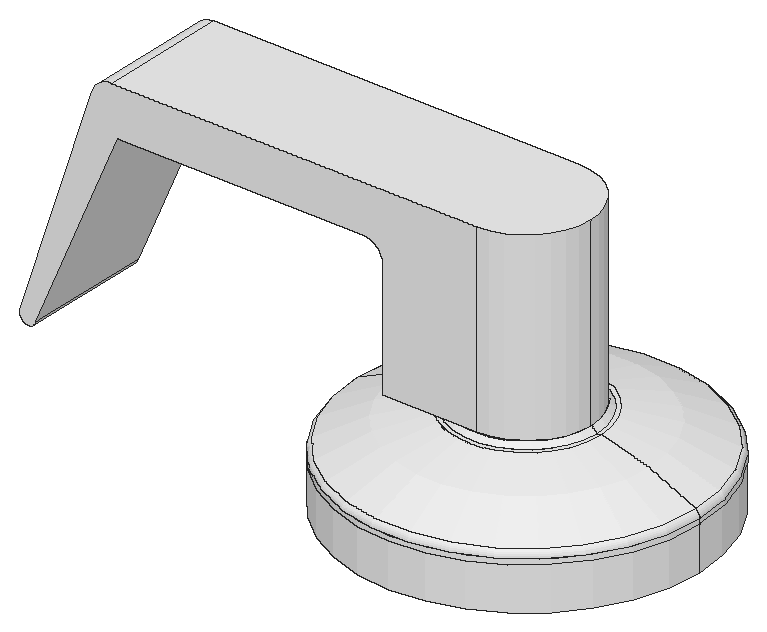
Revit family "Door-Hardware_Lock_Hager_3500", category Specialty Equipment, Revit 2026
Family settings
  Round Connector Dimension = Use Diameter
  Part Type = Normal
  Classification Number = 23.30.40.31
  Work Plane-Based = Yes
  Enable Cutting in Views = No
  Always vertical = No
  Cut with Voids When Loaded = No
  Maintain Annotation Orientation = No
  Shared = Yes
  Room Calculation Point = No
Parameters
  Warranty Duration (Years) = 0
  URL = "http://www.hagerco.com/"
  Strike Plate Type [instance] = ""
  Standards Conformance = "as Specified"
  Specification = "http://www.arcat.com/sdspecs/htm04/08_71_00hco.htm"
  SpecWizard = ""
  Send Message = ""
  Sales Information = "http://www.hagerco.com/contact-us.aspx"
  Revision = "R1_2015-10"
  Pushbutton = no
  Product Properties = ""
  Product Data = "http://www.arcat.com/arcatcos/cos32/arc32922.html"
  Operating Temperature Range = "Interior - Exterior"
  Model = "As Specified"
  Manufacturer Website = "http://www.hagerco.com/"
  Manufacturer Phone - Toll Free = "800-325-9995"
  Manufacturer Phone = "314-772-4400"
  Manufacturer Fax = "800-782-0149"
  Manufacturer Address = "139 Victor St.  St. Louis, MO 63104"
  Manufacturer = "Hager Companies"
  Maintenance Schedule (Months) = 0
  Lever Type [instance] = Lever Option : Withnell Lever
  Lever Rotation [instance] = if(or(Handing_RH, Handing_RHR), 180.00°, 0.00°)  # 0.00°
  Latchbolt Type [instance] = ""
  Keynote = "087100"
  Keying Type [instance] = ""
  Keying Function = ""
  Keyed = yes
  Installation-Fabrication = ""
  Installation Phase = ""
  Handing_LHR [instance] = no
  Handing_RHR [instance] = no
  Handing_RH [instance] = no
  Handing_LH [instance] = yes
  Green Building-LEED = ""
  Function Type = ""
  Function Description = ""
  Fixture Finish [instance] = Metal - Standard US Finish as Specified
  Expected Lifespan (Years) = 0
  Drawn By = "Sumex Design, Inc. / Robert S. Weygant, CSI, CDT, SCIP"
  Door Thickness [instance] = 0' - 1 3/4"
  Description = ""
  Default Elevation = 0' - 0"  # constant formula
  Cylinder Type [instance] = ""
  Copyright = "©Arcat Inc."
  Construction Details = ""
  Backset [instance] = 0' - 2 3/4"
  Available Options [instance] = "as Specified"
  Assembly Code = "C1020410"
Reference planes (in)
  plane 1 "Handle CL": y = 0
  plane 2 "Bottom": z = 0
  plane 3 "Center Rig": x = 0
  plane 4: z = 0
Dimensions and locks (in)
  plane 4 to level = 0' - 0"
Nested families (in)
  nested 1: "Lever Option" at (0, 0, 0), type <- "Lever Type", Lever Swivel <- "Lever Rotation", handle finish <- "Fixture Finish", Pushbutton <- "Pushbutton", Keyed <- "Keyed", type "Withnell Lever"
    with pushbuttonstart 0' - 2 11/16", pushbuttonend 0' - 3 1/16", leverkey yes, knobkey no, handle finish Metal - Standard US Finish as Specified, Pushbutton no, Lever Swivel 0.00°, Keyed yes, Withnell yes, Archer no
Definition of nested family "Lever Option"
  Parameters
    pushbuttonstart [instance] = if(Lever Visible, 0' 2 11/16", 0' 2 3/8")  # 0' - 2 11/16"
    pushbuttonend [instance] = if(Lever Visible, 0' 3 1/16", 0' 2 11/16")  # 0' - 3 1/16"
    leverkey [instance] = and(Keyed, Lever Visible)  # no
    knobkey [instance] = and(Keyed, Knob Visible)  # no
    handle finish [instance] = none
    Withnell = no
    Warranty Duration (Years) = 0
    URL = ""
    Specification = ""
    SpecWizard = ""
    Send Message = ""
    Sales Information = ""
    Revision = "R1_08-2013"
    Pushbutton [instance] = yes
    Product Properties = ""
    Product Data = ""
    Model = "As Specified"
    Manufacturer Website = ""
    Manufacturer Phone - Toll Free = ""
    Manufacturer Phone = ""
    Manufacturer Fax = ""
    Manufacturer Address = ""
    Manufacturer = ""
    Maintenance Schedule (Months) = 0
    Lever Visible = yes
    Lever Swivel [instance] = 0.00°
    Knob Visible = no
    Keynote = ""
    Keyed [instance] = no
    Installation-Fabrication = ""
    Installation Phase = ""
    Green Building-LEED = ""
    Expected Lifespan (Years) = 0
    Drawn By = "Sumex Design, Inc. / Robert S. Weygant, CSI, CDT, SCIP"
    Description = ""
    Default Elevation = 0' - 0"  # constant formula
    Copyright = "©Arcat Inc."
    Construction Details = ""
    Blank Plate = no
    August = no
    Assembly Code = ""
    Archer = yes
    3.375in Rose Style A = yes
  Reference planes (in)
    plane 1 "Center (Front/Back)": y = 0
    plane 2 "Bottom": z = 0
    plane 3 "Center Rig": x = 0
  Forms (in)
    Extrusion 1, solid, material <- "handle finish", visible <- "Knob Visible"
      sketch origin (0, 0, 0) x (1, 0, 0) y (0, 1, 0)
        loop
          circle (0, 0) r 1.5
      from 0 to 0.37213
    Revolve 2, solid, material <- "handle finish", visible <- "Knob Visible"
      sketch origin (0, 0, 0) x (1, 0, 0) y (0, 0, 1)
        loop
          arc (-0.55669, 2.502) -> (-1.13132, 1.85729) -> (-0.87437, 1.03278) r 0.87664
          line (-0.87437, 1.03278) -> (-0.87437, 0.96066) -> (-0.74438, 0.83067) -> (-0.46256, 0.83067) -> (-0.46256, 0.65985) -> (-0.62818, 0.65985) -> (-0.74443, 0.37213) -> (0, 0.37213) -> (0, 2.375) -> (-0.42783, 2.375) -> (-0.48575, 2.47531)
          arc (-0.48575, 2.47531) -> (-0.51645, 2.50135) -> (-0.55669, 2.502) r 0.05972
        axis (0, 2.502) -> (0, 0.37213)
      angle from 0 to 360
    Revolve 3, solid, material <- "handle finish", visible <- "3.375in Rose Style A"
      sketch origin (0, 0, 0) x (1, 0, 0) y (0, 0, 1)
        loop
          line (0, 0.41831) -> (1.67188, 0.41831) -> (1.67188, 0.46874)
          arc (1.67188, 0.46874) -> (1.66166, 0.50706) -> (1.63374, 0.53523) r 0.07703
          arc (1.63374, 0.53523) -> (1.1925, 0.73981) -> (0.72054, 0.85724) r 2.55972
          line (0.72054, 0.85724) -> (0.67297, 0.85724) -> (0.62486, 0.90535) -> (0, 0.90535) -> (0, 0.41831)
        axis (0, 0.90535) -> (0, 0.41831)
      angle from 0 to 360
    Extrusion 4, solid, material <- "handle finish", visible <- "3.375in Rose Style A"
      sketch origin (0, 0, 0) x (1, 0, 0) y (0, 1, 0)
        loop
          circle (0, 0) r 1.67188
      from 0 to 0.41831
    Extrusion 5, solid, material <- "handle finish", visible <- "Archer"
      sketch origin (0, 0, -0.3125) x (-1, 0, 0) y (0, 0, 1)
        loop
          line (0, 3) -> (0, 1.21785) -> (0.9159, 1.21785)
          arc (0.9159, 1.21785) -> (0.95462, 1.86397) -> (1.16932, 2.4746) r 2.33381
          line (1.16932, 2.4746) -> (1.70093, 2.4746)
          arc (1.70093, 2.4746) -> (3.27501, 2.00398) -> (4.33243, 0.74658) r 2.86768
          arc (4.33243, 0.74658) -> (4.43946, 0.69821) -> (4.49782, 0.80013) r 0.08732
          arc (4.49782, 0.80013) -> (3.51516, 2.38195) -> (1.75852, 3) r 2.80544
          line (1.75852, 3) -> (0, 3)
      from -0.61541 to 0.61541
    Revolve 6, solid, material <- "handle finish", visible <- "Archer"
      sketch origin (0, 0, -0.3125) x (1, 0, 0) y (0, 0, 1)
        loop
          line (0, 0.90535) -> (0.61541, 0.90535) -> (0.61541, 3) -> (0, 3) -> (0, 0.90535)
        axis (0, 3) -> (0, 0.90535)
      angle from 0 to 360
    Extrusion 7, solid, material <- "handle finish", visible <- "August"
      sketch origin (0, 0, 0) x (-1, 0, 0) y (0, 0, 1)
        loop
          arc (4.52284, 2.38829) -> (3.15942, 2.61248) -> (1.77974, 2.6875) r 12.72395
          line (1.77974, 2.6875) -> (0, 2.6875) -> (0, 0.90535) -> (0.90709, 0.90535) -> (0.90709, 2.23785)
          arc (0.90709, 2.23785) -> (0.94332, 2.28649) -> (0.98049, 2.33442) r 3.10244
          line (0.98049, 2.33442) -> (1.50021, 2.33442)
          arc (1.50021, 2.33442) -> (2.78834, 2.33806) -> (4.0679, 2.18973) r 10.90061
          line (4.0679, 2.18973) -> (4.45151, 2.12209) -> (4.52284, 2.38829)
      from -0.61541 to 0.61541
    Revolve 8, solid, material <- "handle finish", visible <- "August"
      sketch origin (0, 0, 0) x (1, 0, 0) y (0, 0, 1)
        loop
          line (0, 0.90535) -> (0.61541, 0.90535) -> (0.61541, 2.6875) -> (0, 2.6875) -> (0, 0.90535)
        axis (0, 2.6875) -> (0, 0.90535)
      angle from 0 to 360
    Revolve 9, solid, material <- "handle finish", visible <- "Withnell"
      sketch origin (0, 0, 0) x (1, 0, 0) y (0, 0, 1)
        loop
          line (0, 0.90535) -> (0.61541, 0.90535) -> (0.61541, 2.6875) -> (0, 2.6875) -> (0, 0.90535)
        axis (0, 2.6875) -> (0, 0.90535)
      angle from 0 to 360
    Extrusion 10, solid, material <- "handle finish", visible <- "Withnell"
      sketch origin (0, 0, 0) x (-1, 0, 0) y (0, 0, 1)
        loop
          line (4.42075, 0.41493) -> (3.72863, 2.54506)
          arc (3.72863, 2.54506) -> (3.65374, 2.64813) -> (3.53257, 2.6875) r 0.20614
          line (3.53257, 2.6875) -> (0, 2.6875) -> (0, 0.90535) -> (0.90709, 0.90535) -> (0.90709, 2.03833)
          arc (0.90709, 2.03833) -> (0.96255, 2.17222) -> (1.09644, 2.22768) r 0.18935
          line (1.09644, 2.22768) -> (3.47135, 2.22768) -> (4.26546, 0.35687)
          arc (4.26546, 0.35687) -> (4.37089, 0.31158) -> (4.42075, 0.41493) r 0.08297
      from -0.61541 to 0.61541
    Extrusion 11, solid, material <- "handle finish", visible <- "Pushbutton"
      sketch origin (0, 0, 0) x (1, 0, 0) y (0, 1, 0)
        loop
          circle (0, 0) r 0.37922
      from 2.6875 <- "pushbuttonstart" to 3.0625 <- "pushbuttonend"
    Revolve 12, solid, material <- "handle finish", visible <- "Blank Plate"
      sketch origin (0, 0, 0) x (1, 0, 0) y (0, 0, 1)
        loop
          line (0, 0) -> (0, 0.8125) -> (-0.77836, 0.8125) -> (-0.99746, 0.43301) -> (-1.25, 0.43301) -> (-1.5, 0) -> (0, 0)
        axis (0, 0.8125) -> (0, 0)
      angle from 0 to 360
  Cuts and joins
    joined: Extrusion 1, Revolve 2
    joined: Revolve 3, Extrusion 4
    joined: Extrusion 5, Revolve 6
    joined: Extrusion 7, Revolve 8
    joined: Revolve 9, Extrusion 10
  Lines and regions (in)
    reference lines
      curve 1: line (0, 0, 0) -> (-7.75, 0, 0)
    model lines, visible <- "knobkey"
      curve 2: line (-0.07261, 0.12312, 2.375) -> (0.06397, 0.12312, 2.375)
      curve 3: line (-0.07261, -0.32722, 2.375) -> (-0.07261, 0.12312, 2.375)
      curve 4: line (0.06397, -0.32722, 2.375) -> (-0.07261, -0.32722, 2.375)
      curve 5: line (0.06397, 0.12312, 2.375) -> (0.06397, -0.32722, 2.375)
    model lines, visible <- "leverkey"
      curve 6: circle (0, 0, 2.6875) r 0.4469 normal (0, 0, 1)
      curve 7: line (-0.10135, 0.07888, 2.6875) -> (0.37922, 0.07888, 2.6875)
      curve 8: line (-0.10135, -0.07888, 2.6875) -> (-0.10135, 0.07888, 2.6875)
      curve 9: line (0.37922, -0.07888, 2.6875) -> (-0.10135, -0.07888, 2.6875)
      curve 10: line (0.37922, 0.07888, 2.6875) -> (0.37922, -0.07888, 2.6875)
  Dimensions and locks (in)
    "Lever Swivel": angle curve 1 to plane 1 "Center (Front/Back)"
    aligned and locked: plane 3 "Center Rig" to curve 1
    aligned and locked: plane 1 "Center (Front/Back)" to curve 1
  Automatic sketch dimensions
    plane 1 "Center (Front/Back)" to Extrusion 1 sketch curve = 0' - 0"
    Extrusion 1 sketch curve to plane 3 "Center Rig" = 0' - 0"
    curve 5 to Revolve 2 = 0' - 0.12312"
    curve 4 to curve 3 = 0' - 0.13658"
    plane 1 "Center (Front/Back)" to Extrusion 4 sketch curve = 0' - 0"
    Extrusion 4 sketch curve to plane 3 "Center Rig" = 0' - 0"
    Revolve 6 sketch curve to plane 3 "Center Rig" = 0' - 0"  (x2)
    Revolve 6 sketch curve to Revolve 6 sketch curve = 0' - 0.61541"
    Revolve 6 sketch curve to level = 0' - 3.01266"
    level to Revolve 6 sketch curve = 0' - 0.59285"
    Revolve 6 sketch curve to Revolve 6 sketch curve = 0' - 2.09465"
    Revolve 6 sketch curve to Revolve 6 sketch curve = 0' - 1.42817"
    Revolve 8 sketch curve to plane 3 "Center Rig" = 0' - 0"  (x2)
    Revolve 8 sketch curve to Revolve 8 sketch curve = 0' - 0.61541"
    Revolve 8 sketch curve to level = 0' - 2.70016"
    level to Revolve 8 sketch curve = 0' - 0.90535"
    Revolve 8 sketch curve to Revolve 8 sketch curve = 0' - 1.78215"
    Revolve 8 sketch curve to Revolve 8 sketch curve = 0' - 1.74067"
    Revolve 9 sketch curve to plane 3 "Center Rig" = 0' - 0"  (x2)
    Revolve 9 sketch curve to Revolve 9 sketch curve = 0' - 0.61541"
    Revolve 9 sketch curve to level = 0' - 2.70016"
    level to Revolve 9 sketch curve = 0' - 0.90535"
    Revolve 9 sketch curve to Revolve 9 sketch curve = 0' - 1.78215"
    Revolve 9 sketch curve to Revolve 9 sketch curve = 0' - 1.74067"
    curve 6 to Extrusion 7 = 0' - 0"
    curve 10 to Extrusion 7 = 0' - 0.37922"
    Extrusion 7 to curve 9 = 0' - 0.10135"
    Extrusion 7 to curve 7 = 0' - 0.53653"
    curve 7 to curve 6 = 0' - 0.07888"
    curve 6 to curve 9 = 0' - 0.07888"
    Revolve 2 to curve 5 = 0' - 0.32722"
    plane 1 "Center (Front/Back)" to Extrusion 11 sketch curve = 0' - 0"
    Extrusion 11 sketch curve to plane 3 "Center Rig" = 0' - 0"
    Revolve 2 sketch curve to plane 3 "Center Rig" = 0' - 0"  (x2)
    Revolve 2 sketch curve to plane 3 "Center Rig" = 0' - 0.27449"
    Revolve 2 sketch curve to Revolve 2 sketch curve = 0' - 0.42783"
    Revolve 2 sketch curve to plane 3 "Center Rig" = 0' - 0.46256"
    Revolve 2 sketch curve to Revolve 2 sketch curve = 0' - 0.05792"
    Revolve 2 sketch curve to Revolve 2 sketch curve = 0' - 0.05172"
    Revolve 2 sketch curve to Revolve 2 sketch curve = 0' - 0.01923"
    Revolve 2 sketch curve to Revolve 2 sketch curve = 0' - 0"
    Revolve 2 sketch curve to Revolve 2 sketch curve = 0' - 0.16563"
    Revolve 2 sketch curve to Revolve 2 sketch curve = 0' - 0.1162"
    level to Revolve 2 sketch curve = 0' - 0.37213"
    Revolve 2 sketch curve to Revolve 2 sketch curve = 0' - 0.11624"
    Revolve 2 sketch curve to Revolve 2 sketch curve = 0' - 0.12999"  (x2)
    Revolve 2 sketch curve to level = 0' - 0.5337"
    Revolve 2 sketch curve to Revolve 2 sketch curve = 0' - 0.28772"
    Revolve 2 sketch curve to Revolve 2 sketch curve = 0' - 0.17082"
    Revolve 2 sketch curve to Revolve 2 sketch curve = 0' - 0.07212"
    Revolve 2 sketch curve to Revolve 2 sketch curve = 0' - 0.84136"
    Revolve 2 sketch curve to Revolve 2 sketch curve = 0' - 0.04714"
    Revolve 2 sketch curve to Revolve 2 sketch curve = 0' - 0.05317"
    Revolve 12 sketch curve to level = 0' - 0"
    Revolve 12 sketch curve to plane 3 "Center Rig" = 0' - 0"  (x2)
    Revolve 12 sketch curve to Revolve 12 sketch curve = 0' - 0.77836"
    Revolve 12 sketch curve to Revolve 12 sketch curve = 0' - 0.2191"
    level to Revolve 12 sketch curve = 0' - 0.43301"
    Revolve 12 sketch curve to Revolve 12 sketch curve = 0' - 0.25254"
    Revolve 12 sketch curve to Revolve 12 sketch curve = 0' - 0 1/4"
    Revolve 12 sketch curve to level = 0' - 0.7906"
    Revolve 12 sketch curve to Revolve 12 sketch curve = 0' - 0 13/16"
    Revolve 12 sketch curve to Revolve 12 sketch curve = 0' - 1.33442"
    Revolve 3 sketch curve to plane 3 "Center Rig" = 0' - 0"  (x2)
    plane 3 "Center Rig" to Revolve 3 sketch curve = 0' - 0.34128"
    Revolve 3 sketch curve to Revolve 3 sketch curve = 0' - 0.04812"  (x2)
    Revolve 3 sketch curve to Revolve 3 sketch curve = 0' - 0.04756"
    level to Revolve 3 sketch curve = 0' - 0 15/32"
    Revolve 3 sketch curve to Revolve 3 sketch curve = 0' - 0.87431"
    Revolve 3 sketch curve to Revolve 3 sketch curve = 0' - 0.03889"
    Revolve 3 sketch curve to Revolve 3 sketch curve = 0' - 0"
    Revolve 3 sketch curve to Revolve 3 sketch curve = 0' - 0.03814"
    Revolve 3 sketch curve to Revolve 3 sketch curve = 0' - 1.02593"
    level to Revolve 3 sketch curve = 0' - 0.41831"
    level to Revolve 3 sketch curve = 0' - 0.90535"
    Revolve 3 sketch curve to Revolve 3 sketch curve = 0' - 3.52282"
    curve 1 to Extrusion 7 sketch curve = 0' - 0"
    curve 1 to Extrusion 7 sketch curve = 0' - 0.90535"
    curve 1 to Extrusion 7 sketch curve = 0' - 2 11/16"
    Extrusion 7 sketch curve to Extrusion 7 sketch curve = 0' - 0.90709"
    Extrusion 7 sketch curve to Extrusion 7 sketch curve = 0' - 0.0734"
    Extrusion 7 sketch curve to Extrusion 7 sketch curve = 0' - 0.51973"
    curve 1 to Extrusion 7 sketch curve = 0' - 1.77974"
    Extrusion 7 sketch curve to Extrusion 7 sketch curve = 0' - 0.39529"
    Extrusion 7 sketch curve to curve 1 = 0' - 0.40926"
    Extrusion 7 sketch curve to Extrusion 7 sketch curve = 0' - 2.50628"
    Extrusion 7 sketch curve to Extrusion 7 sketch curve = 0' - 0.65453"
    Extrusion 7 sketch curve to Extrusion 7 sketch curve = 0' - 0.38361"
    Extrusion 7 sketch curve to curve 1 = 0' - 2.38829"
    Extrusion 7 sketch curve to Extrusion 7 sketch curve = 0' - 0.07133"
    Extrusion 7 sketch curve to Extrusion 7 sketch curve = 0' - 1.49117"
    Extrusion 7 sketch curve to Extrusion 7 sketch curve = 0' - 0.26621"
    Extrusion 7 sketch curve to Extrusion 7 sketch curve = 0' - 0.06764"
    curve 1 to Extrusion 10 sketch curve = 0' - 0"
    curve 1 to Extrusion 10 sketch curve = 0' - 0.90535"
    curve 1 to Extrusion 10 sketch curve = 0' - 2 11/16"
    curve 1 to Extrusion 10 sketch curve = 0' - 0.90709"
    Extrusion 10 sketch curve to Extrusion 10 sketch curve = 0' - 0.18935"
    Extrusion 10 sketch curve to Extrusion 10 sketch curve = 0' - 2.37492"
    Extrusion 10 sketch curve to Extrusion 10 sketch curve = 0' - 0.06122"
    Extrusion 10 sketch curve to Extrusion 10 sketch curve = 0' - 0.19605"
    Extrusion 10 sketch curve to curve 1 = 0' - 0.35687"
    Extrusion 10 sketch curve to Extrusion 10 sketch curve = 0' - 0.79411"
    Extrusion 10 sketch curve to Extrusion 10 sketch curve = 0' - 0.07637"
    Extrusion 10 sketch curve to curve 1 = 0' - 0.41493"
    Extrusion 10 sketch curve to Extrusion 10 sketch curve = 0' - 0.07891"
    curve 1 to Extrusion 10 sketch curve = 0' - 2.03833"
    Extrusion 10 sketch curve to Extrusion 10 sketch curve = 0' - 0.20614"
    curve 1 to Extrusion 5 sketch curve = 0' - 0"
    curve 1 to Extrusion 5 sketch curve = 0' - 0.90535"
    curve 1 to Extrusion 5 sketch curve = 0' - 2 11/16"
    Extrusion 5 sketch curve to Extrusion 5 sketch curve = 0' - 0.9159"
    curve 1 to Extrusion 5 sketch curve = 0' - 1.16932"
    Extrusion 5 sketch curve to Extrusion 5 sketch curve = 0' - 0.53161"
    Extrusion 5 sketch curve to Extrusion 5 sketch curve = 0' - 0.05758"
    Extrusion 5 sketch curve to Extrusion 5 sketch curve = 0' - 1.54145"
    Extrusion 5 sketch curve to curve 1 = 0' - 0.43408"
    Extrusion 5 sketch curve to Extrusion 5 sketch curve = 0' - 1.09005"
    Extrusion 5 sketch curve to Extrusion 5 sketch curve = 0' - 0"  (x2)
    Extrusion 5 sketch curve to Extrusion 5 sketch curve = 0' - 0.08013"
    Extrusion 5 sketch curve to Extrusion 5 sketch curve = 0' - 0.08526"
    radius of Extrusion 1 sketch curve = 0' - 1 1/2"
    radius of Extrusion 4 sketch curve = 0' - 1 43/64"
    radius of curve 6 = 0' - 0.4469"
    radius of Extrusion 11 sketch curve = 0' - 0.37922"
